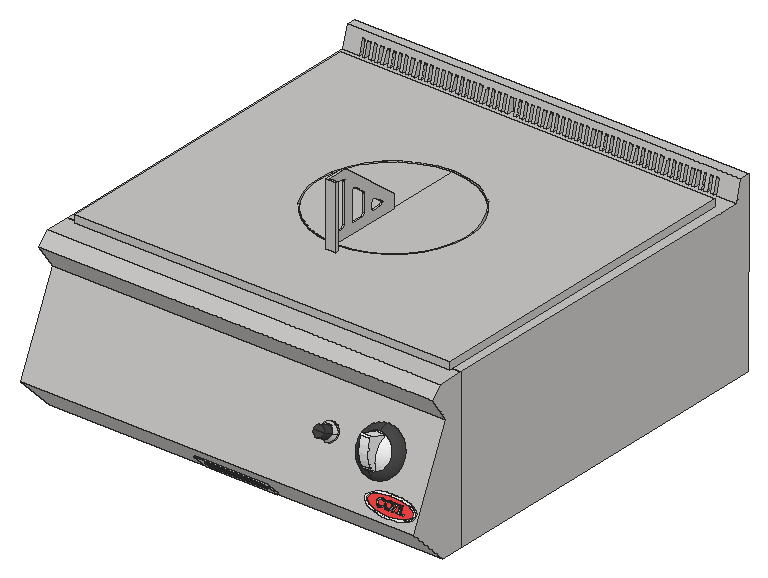
Revit family "QF_COZIL_FFCP-70N", category Equipamento especial, Revit 2020 (continued)
Definition of nested family "Botão Fogão"
  Parameters (values of type "Botão Fogão")
    National Water Regulation Certification [instance] = yes
    NAFEM Spec ID Number [instance] = ""
    Model Warning [instance] = ""
    Min Ckt Ampacity [instance] = 0 A
    Mechanical Remarks [instance] = ""
    Mechanical Connection Type [instance] = ""
    Max Overcurrent Protection [instance] = 0 A
    Masterspec [instance] = ""
    Main switch integrated [instance] = yes
    MU Air Volume [instance] = 0.0 L/s
    MU Air Vent Width [instance] = 0.00 mm
    MU Air Vent Diameter [instance] = 0.00 mm
    MU Air Vent Depth [instance] = 0.00 mm
    MU Air Static Press [instance] = 0.0 Pa
    MU Air Speed at Spigot [instance] = 0.0 L/s
    MU Air RI Height [instance] = 0.00 mm
    Length Actual [instance] = 0.00 mm
    Latent Heat Output [instance] = 0 W
    Item Number [instance] = ""
    Installed By [instance] = ""
    Installation Date [instance] = ""
    Ingress Protection Code [instance] = ""
    Indirect Waste Size [instance] = 0 mm
    Indirect Waste Flow [instance] = 0.0 m³/h
    Indirect Waste Connection Type [instance] = ""
    Indirect Waste Connection Height [instance] = 0.00 mm
    Identify Quantity as Lot [instance] = yes
    ID [instance] = ""
    Hygiene Approval [instance] = ""
    Hot Water Temperature [instance] = -273.15 °C
    Hot Water Supply Temperature [instance] = -273.15 °C
    Hot Water Size [instance] = 0 mm
    Hot Water RI Height [instance] = 0.00 mm
    Hot Water Quality [instance] = ""
    Hot Water Minimum Pressure [instance] = 0.0 bar
    Hot Water Maximum Pressure [instance] = 0.0 bar
    Hot Water Flow [instance] = 0.0 m³/h
    Hot Water Consumption [instance] = ""
    Hot Water Connection Height [instance] = 0.00 mm
    Height Actual [instance] = 0.00 mm
    HP [instance] = ""
    Gas Size Flexible [instance] = 0 mm
    Gas Size Fixed [instance] = 0 mm
    Gas Size [instance] = 0 mm
    Gas RI Height [instance] = 0.00 mm
    Gas Input [instance] = 0 W
    Gas Flow [instance] = 0.0 m³/h
    Gas Connection Height [instance] = 0.00 mm
    Furnished By [instance] = ""
    Fuel Type [instance] = ""
    Foodservice Equipment Identifier [instance] = yes
    Flue Type [instance] = ""
    Filtered Treated Water Supply Size [instance] = 0 mm
    Filtered Treated Water Recommended Temperature [instance] = -273.15 °C
    Filtered Treated Water RI Height [instance] = 0.00 mm
    Filtered Treated Water Quality [instance] = ""
    Filtered Treated Water Minimum Pressure [instance] = 0.0 bar
    Filtered Treated Water Maximum Pressure [instance] = 0.0 bar
    Filtered Treated Water Flow [instance] = 0.0 m³/h
    Filtered Treated Water Consumption [instance] = ""
    Filtered Treated Water Connection Height [instance] = 0.00 mm
    FL Amps [instance] = 0 A
    Exhaust Volume [instance] = 0.0 L/s
    Exhaust Vent Width [instance] = 0.00 mm
    Exhaust Vent Height [instance] = 0.00 mm
    Exhaust Vent Diameter [instance] = 0.00 mm
    Exhaust Vent Depth [instance] = 0.00 mm
    Exhaust Static Press [instance] = 0.0 Pa
    Exhaust Speed at Spigot [instance] = 0.0 L/s
    Exhaust RI Height [instance] = 0.00 mm
    Exhaust Air Temperature [instance] = -273.15 °C
    Exhaust Air Humidity [instance] = 0
    Energy Efficiency Labelling [instance] = ""
    Electrical Remarks [instance] = ""
    Electric Connection Type [instance] = ""
    Elec Conn RI Height [instance] = 0.00 mm
    Elec Conn Connection Height [instance] = 0.00 mm
    Earth Leakage Switch necessary [instance] = yes
    Earth Leakage Switch Type [instance] = ""
    ETL Approved [instance] = yes
    Direct Waste Size [instance] = 0 mm
    Direct Waste RI Height [instance] = 0.00 mm
    Direct Waste Flow [instance] = 0.0 m³/h
    Direct Waste Connection Height [instance] = 0.00 mm
    Direct Heat Output [instance] = 0 W
    Digital Connectivity Description [instance] = ""
    Depth Actual [instance] = 0.00 mm
    Cycle [instance] = 0 Hz
    Connection to energy optimisation system [instance] = yes
    Conn Plug [instance] = ""
    Conn Conduit [instance] = yes
    Condensate Return Size [instance] = 0 mm
    Condensate Return RI Height [instance] = 0.00 mm
    Condensate Return Connection Height [instance] = 0.00 mm
    Compressed Air Volume [instance] = 0.0 m³/h
    Compressed Air Size [instance] = 0 mm
    Compressed Air RI Height [instance] = 0.00 mm
    Compressed Air Quality [instance] = ""
    Compressed Air Pressure [instance] = 0.0 bar
    Compressed Air Connection Height [instance] = 0.00 mm
    Cold Water Temperature Recommended [instance] = -273.15 °C
    Cold Water Size [instance] = 0 mm
    Cold Water RI Height [instance] = 0.00 mm
    Cold Water Quality [instance] = ""
    Cold Water Minimum Pressure [instance] = 0.0 bar
    Cold Water Maximum Pressure [instance] = 0.0 bar
    Cold Water Flow [instance] = 0.0 m³/h
    Cold Water Consumption [instance] = ""
    Cold Water Connection Height [instance] = 0.00 mm
    Chilled Water Temperature [instance] = -273.15 °C
    Chilled Water Supply Size [instance] = 0 mm
    Chilled Water Supply RI Height [instance] = 0.00 mm
    Chilled Water Supply Quality [instance] = ""
    Chilled Water Supply Maximum Temperature [instance] = -273.15 °C
    Chilled Water Supply Connection Height [instance] = 0.00 mm
    Chilled Water Return Size [instance] = 0 mm
    Chilled Water Return RI Height [instance] = 0.00 mm
    Chilled Water Return Minimum Pressure [instance] = 0.0 bar
    Chilled Water Return Maximum Pressure [instance] = 0.0 bar
    Chilled Water Return Connection Height [instance] = 0.00 mm
    Chilled Water Minimum Pressure [instance] = 0.0 bar
    Chilled Water Maximum Pressure [instance] = 0.0 bar
    Chilled Water Flow [instance] = 0.0 m³/h
    CSI MasterFormat [instance] = ""
    CO2 Volume [instance] = 0.0 m³/h
    CO2 Size [instance] = 0 mm
    CO2 RI Height [instance] = 0.00 mm
    CO2 Pressure [instance] = 0.0 bar
    CO2 Connection Height [instance] = 0.00 mm
    CE Approved [instance] = yes
    Barcode [instance] = ""
    BTUH [instance] = 0 W
    Author [instance] = ""
    Asset Identifier [instance] = ""
    Apparent Power [instance] = 0 VA
    Accessory [instance] = yes
    Ability for Digital Connectivity [instance] = yes
  Reference planes
    plane 1 "Centro (Frontal/Traseira)": y = 0
    plane 2: z = 0
    plane 3 "Centro (Esquerda/Direita)": x = 0
    plane 4: z = 50
  Forms (mm)
    Revolve 1, solid
      sketch origin (0, 0, 0) x (1, 0, 0) y (0, 0, 1)
        loop
          line (0, 0) -> (41.459, 0)
          arc (41.459, 0) -> (36.874, 8.702) -> (29.315, 14.997) r 25.29
          line (29.315, 14.997) -> (29.315, 10.32)
          arc (29.315, 10.32) -> (16.152, 20.644) -> (0, 25) r 41.931
          line (0, 25) -> (0, 0)
        axis (0, 25) -> (0, 0)
      angle from 0 to 360
    Extrusion 2, solid
      sketch origin (0, 0, 0) x (1, 0, 0) y (0, 0, 1)
        loop
          line (27.004, 10.32) -> (27.004, 17.328)
          arc (27.004, 17.328) -> (26.239, 21.608) -> (24.04, 25.36) r 12.364
          arc (24.04, 25.36) -> (4.069, 40.977) -> (-20.408, 47.581) r 63.784
          arc (-20.408, 47.581) -> (-22.455, 46.908) -> (-23.471, 45.007) r 2.897
          line (-23.471, 45.007) -> (-27.286, 10.32) -> (27.004, 10.32)
      from -8 to 8
  Cuts and joins
    joined: Revolve 1, Extrusion 2
  Dimensions and locks
    aligned and locked: level to plane 2
Definition of nested family "Botão"
  Parameters (values of type "Botão")
    Weight [instance] = 0.00 kg
    Watts [instance] = 0 W
    Waste Water Discharge Temperature [instance] = -273.15 °C
    Waste Remarks [instance] = ""
    Warranty Start Date [instance] = ""
    Warranty Duration [instance] = ""
    Volts [instance] = 0 V
    Volt Free Conn [instance] = yes
    Ventilation Remarks [instance] = ""
    URL Recommended Spares List [instance] = ""
    URL Manufacturer [instance] = ""
    URL Cutsheet [instance] = ""
    URL Critical Spares List [instance] = ""
    Default Elevation = 0.00 mm
    Type Comments = "USA_IFSE_SharedParameters_Dummy_V07_21"
    Technical Documentation [instance] = ""
    Tag Number [instance] = ""
    Steam type [instance] = ""
    Steam Supply Volume [instance] = 0.0 m³/h
    Steam Supply Size [instance] = 0 mm
    Steam Supply RI Height [instance] = 0.00 mm
    Steam Supply Minimum Pressure [instance] = 0.0 bar
    Steam Supply Maximum Pressure [instance] = 0.0 bar
    Steam Supply Connection Height [instance] = 0.00 mm
    Steam Remarks [instance] = ""
    Steam Pounds per Hour [instance] = 0
    Status [instance] = ""
    Start Up Current [instance] = 0 A
    Specification by User [instance] = ""
    Specification by Manufacturer [instance] = ""
    Sound Level [instance] = ""
    Solid Fuel Type [instance] = ""
    Show Logo [instance] = yes
    Show Clearances [instance] = yes
    Service Life Duration [instance] = ""
    Serial Number [instance] = ""
    Sensible Heat Output [instance] = 0 W
    Seismic Rating [instance] = ""
    SMACNA No [instance] = ""
    Revision Code [instance] = ""
    Revision [instance] = ""
    Refrigeration Working Pressure [instance] = 0.0 bar
    Refrigeration Suction Line Size [instance] = 0 mm
    Refrigeration Liquid Line Size [instance] = 0 mm
    Refrigeration Evaporation Temperature [instance] = -273.15 °C
    Refrigeration Energy Efficiency Index [instance] = ""
    Refrigeration Defrost Drain [instance] = yes
    Refrigeration Climate Class [instance] = ""
    Refrigerant Type [instance] = ""
    Refrigerant Mass [instance] = 0
    Refrigerant Flow [instance] = 0.0 m³/h
    Refrigerant Compressor Remote [instance] = yes
    Production Year [instance] = ""
    Preheated Hot Water Temperature Recommended [instance] = -273.15 °C
    Preheated Hot Water Size [instance] = 0 mm
    Preheated Hot Water RI Height [instance] = 0.00 mm
    Preheated Hot Water Quality [instance] = ""
    Preheated Hot Water Minimum Pressure [instance] = 0.0 bar
    Preheated Hot Water Maximum Pressure [instance] = 0.0 bar
    Preheated Hot Water Flow [instance] = 0.0 m³/h
    Preheated Hot Water Connection Height [instance] = 0.00 mm
    Potential Equalisation [instance] = yes
    Point Load [instance] = 0
    Plumbing Remarks [instance] = ""
    Plumbing Connection Type [instance] = ""
    Phase [instance] = 0
    Other Equipment Approvals [instance] = ""
    Operational Current [instance] = 0 A
    Odor Trap Included [instance] = yes
    Number of Poles [instance] = 1
    No Load Power Draw [instance] = yes
    National Water Regulation Certification [instance] = yes
    NAFEM Spec ID Number [instance] = ""
    Model Warning [instance] = ""
    Min Ckt Ampacity [instance] = 0 A
    Mechanical Remarks [instance] = ""
    Mechanical Connection Type [instance] = ""
    Max Overcurrent Protection [instance] = 0 A
    Masterspec [instance] = ""
    Main switch integrated [instance] = yes
    MU Air Volume [instance] = 0.0 L/s
    MU Air Vent Width [instance] = 0.00 mm
    MU Air Vent Diameter [instance] = 0.00 mm
    MU Air Vent Depth [instance] = 0.00 mm
    MU Air Static Press [instance] = 0.0 Pa
    MU Air Speed at Spigot [instance] = 0.0 L/s
    MU Air RI Height [instance] = 0.00 mm
    Length Actual [instance] = 0.00 mm
    Latent Heat Output [instance] = 0 W
    Item Number [instance] = ""
    Installed By [instance] = ""
    Installation Date [instance] = ""
    Ingress Protection Code [instance] = ""
    Indirect Waste Size [instance] = 0 mm
    Indirect Waste Flow [instance] = 0.0 m³/h
    Indirect Waste Connection Type [instance] = ""
    Indirect Waste Connection Height [instance] = 0.00 mm
    Identify Quantity as Lot [instance] = yes
    ID [instance] = ""
    Hygiene Approval [instance] = ""
    Hot Water Temperature [instance] = -273.15 °C
    Hot Water Supply Temperature [instance] = -273.15 °C
    Hot Water Size [instance] = 0 mm
    Hot Water RI Height [instance] = 0.00 mm
    Hot Water Quality [instance] = ""
    Hot Water Minimum Pressure [instance] = 0.0 bar
    Hot Water Maximum Pressure [instance] = 0.0 bar
    Hot Water Flow [instance] = 0.0 m³/h
    Hot Water Consumption [instance] = ""
    Hot Water Connection Height [instance] = 0.00 mm
    Height Actual [instance] = 0.00 mm
    HP [instance] = ""
    Gas Size Flexible [instance] = 0 mm
    Gas Size Fixed [instance] = 0 mm
    Gas Size [instance] = 0 mm
    Gas RI Height [instance] = 0.00 mm
    Gas Input [instance] = 0 W
    Gas Flow [instance] = 0.0 m³/h
    Gas Connection Height [instance] = 0.00 mm
    Furnished By [instance] = ""
    Fuel Type [instance] = ""
    Foodservice Equipment Identifier [instance] = yes
    Flue Type [instance] = ""
    Filtered Treated Water Supply Size [instance] = 0 mm
    Filtered Treated Water Recommended Temperature [instance] = -273.15 °C
    Filtered Treated Water RI Height [instance] = 0.00 mm
    Filtered Treated Water Quality [instance] = ""
    Filtered Treated Water Minimum Pressure [instance] = 0.0 bar
    Filtered Treated Water Maximum Pressure [instance] = 0.0 bar
    Filtered Treated Water Flow [instance] = 0.0 m³/h
    Filtered Treated Water Consumption [instance] = ""
    Filtered Treated Water Connection Height [instance] = 0.00 mm
    FL Amps [instance] = 0 A
    Exhaust Volume [instance] = 0.0 L/s
    Exhaust Vent Width [instance] = 0.00 mm
    Exhaust Vent Height [instance] = 0.00 mm
    Exhaust Vent Diameter [instance] = 0.00 mm
    Exhaust Vent Depth [instance] = 0.00 mm
    Exhaust Static Press [instance] = 0.0 Pa
    Exhaust Speed at Spigot [instance] = 0.0 L/s
    Exhaust RI Height [instance] = 0.00 mm
    Exhaust Air Temperature [instance] = -273.15 °C
    Exhaust Air Humidity [instance] = 0
    Energy Efficiency Labelling [instance] = ""
    Electrical Remarks [instance] = ""
    Electric Connection Type [instance] = ""
    Elec Conn RI Height [instance] = 0.00 mm
    Elec Conn Connection Height [instance] = 0.00 mm
    Earth Leakage Switch necessary [instance] = yes
    Earth Leakage Switch Type [instance] = ""
    ETL Approved [instance] = yes
    Direct Waste Size [instance] = 0 mm
    Direct Waste RI Height [instance] = 0.00 mm
    Direct Waste Flow [instance] = 0.0 m³/h
    Direct Waste Connection Height [instance] = 0.00 mm
    Direct Heat Output [instance] = 0 W
    Digital Connectivity Description [instance] = ""
    Depth Actual [instance] = 0.00 mm
    Cycle [instance] = 0 Hz
    Connection to energy optimisation system [instance] = yes
    Conn Plug [instance] = ""
    Conn Conduit [instance] = yes
    Condensate Return Size [instance] = 0 mm
    Condensate Return RI Height [instance] = 0.00 mm
    Condensate Return Connection Height [instance] = 0.00 mm
    Compressed Air Volume [instance] = 0.0 m³/h
    Compressed Air Size [instance] = 0 mm
    Compressed Air RI Height [instance] = 0.00 mm
    Compressed Air Quality [instance] = ""
    Compressed Air Pressure [instance] = 0.0 bar
    Compressed Air Connection Height [instance] = 0.00 mm
    Cold Water Temperature Recommended [instance] = -273.15 °C
    Cold Water Size [instance] = 0 mm
    Cold Water RI Height [instance] = 0.00 mm
    Cold Water Quality [instance] = ""
    Cold Water Minimum Pressure [instance] = 0.0 bar
    Cold Water Maximum Pressure [instance] = 0.0 bar
    Cold Water Flow [instance] = 0.0 m³/h
    Cold Water Consumption [instance] = ""
    Cold Water Connection Height [instance] = 0.00 mm
    Chilled Water Temperature [instance] = -273.15 °C
    Chilled Water Supply Size [instance] = 0 mm
    Chilled Water Supply RI Height [instance] = 0.00 mm
    Chilled Water Supply Quality [instance] = ""
    Chilled Water Supply Maximum Temperature [instance] = -273.15 °C
    Chilled Water Supply Connection Height [instance] = 0.00 mm
    Chilled Water Return Size [instance] = 0 mm
    Chilled Water Return RI Height [instance] = 0.00 mm
    Chilled Water Return Minimum Pressure [instance] = 0.0 bar
    Chilled Water Return Maximum Pressure [instance] = 0.0 bar
    Chilled Water Return Connection Height [instance] = 0.00 mm
    Chilled Water Minimum Pressure [instance] = 0.0 bar
    Chilled Water Maximum Pressure [instance] = 0.0 bar
    Chilled Water Flow [instance] = 0.0 m³/h
    CSI MasterFormat [instance] = ""
    CO2 Volume [instance] = 0.0 m³/h
    CO2 Size [instance] = 0 mm
    CO2 RI Height [instance] = 0.00 mm
    CO2 Pressure [instance] = 0.0 bar
    CO2 Connection Height [instance] = 0.00 mm
    CE Approved [instance] = yes
    Barcode [instance] = ""
    BTUH [instance] = 0 W
    Author [instance] = ""
    Asset Identifier [instance] = ""
    Apparent Power [instance] = 0 VA
    Accessory [instance] = yes
    Ability for Digital Connectivity [instance] = yes
  Reference planes
    plane 1 "Centro (Frontal/Traseira)": y = 0
    plane 2: z = 0
    plane 3 "Centro (Esquerda/Direita)": x = 0
    plane 4: z = 28
    plane 5: z = 10
  Forms (mm)
    Revolve 1, solid
      sketch origin (0, 0, 0) x (1, 0, 0) y (0, 0, 1)
        loop
          line (0, 0) -> (15, 0) -> (15, 4) -> (11.536, 10) -> (9.536, 10) -> (9.536, 28) -> (0, 28) -> (0, 0)
        axis (0, 0) -> (0, 28)
      angle from 0 to 360
  Dimensions and locks
    aligned and locked: level to plane 2
    aligned and locked: plane 2 to Revolve 1 sketch curve
    aligned and locked: plane 3 "Centro (Esquerda/Direita)" to Revolve 1 sketch curve
Definition of nested family "LOGOTIPO COZIL"
  Parameters (values of type "LOGOTIPO COZIL")
    Weight [instance] = 0.00 kg
    Watts [instance] = 0 W
    Waste Water Discharge Temperature [instance] = -273.15 °C
    Waste Remarks [instance] = ""
    Warranty Start Date [instance] = ""
    Warranty Duration [instance] = ""
    Volts [instance] = 0 V
    Volt Free Conn [instance] = yes
    Ventilation Remarks [instance] = ""
    URL Recommended Spares List [instance] = ""
    URL Manufacturer [instance] = ""
    URL Cutsheet [instance] = ""
    URL Critical Spares List [instance] = ""
    Default Elevation = 0.00 mm
    Type Comments = "USA_IFSE_SharedParameters_Dummy_V07_21"
    Technical Documentation [instance] = ""
    Tag Number [instance] = ""
    Steam type [instance] = ""
    Steam Supply Volume [instance] = 0.0 m³/h
    Steam Supply Size [instance] = 0 mm
    Steam Supply RI Height [instance] = 0.00 mm
    Steam Supply Minimum Pressure [instance] = 0.0 bar
    Steam Supply Maximum Pressure [instance] = 0.0 bar
    Steam Supply Connection Height [instance] = 0.00 mm
    Steam Remarks [instance] = ""
    Steam Pounds per Hour [instance] = 0
    Status [instance] = ""
    Start Up Current [instance] = 0 A
    Specification by User [instance] = ""
    Specification by Manufacturer [instance] = ""
    Sound Level [instance] = ""
    Solid Fuel Type [instance] = ""
    Show Logo [instance] = yes
    Show Clearances [instance] = yes
    Service Life Duration [instance] = ""
    Serial Number [instance] = ""
    Sensible Heat Output [instance] = 0 W
    Seismic Rating [instance] = ""
    SMACNA No [instance] = ""
    Revision Code [instance] = ""
    Revision [instance] = ""
    Refrigeration Working Pressure [instance] = 0.0 bar
    Refrigeration Suction Line Size [instance] = 0 mm
    Refrigeration Liquid Line Size [instance] = 0 mm
    Refrigeration Evaporation Temperature [instance] = -273.15 °C
    Refrigeration Energy Efficiency Index [instance] = ""
    Refrigeration Defrost Drain [instance] = yes
    Refrigeration Climate Class [instance] = ""
    Refrigerant Type [instance] = ""
    Refrigerant Mass [instance] = 0
    Refrigerant Flow [instance] = 0.0 m³/h
    Refrigerant Compressor Remote [instance] = yes
    Production Year [instance] = ""
    Preheated Hot Water Temperature Recommended [instance] = -273.15 °C
    Preheated Hot Water Size [instance] = 0 mm
    Preheated Hot Water RI Height [instance] = 0.00 mm
    Preheated Hot Water Quality [instance] = ""
    Preheated Hot Water Minimum Pressure [instance] = 0.0 bar
    Preheated Hot Water Maximum Pressure [instance] = 0.0 bar
    Preheated Hot Water Flow [instance] = 0.0 m³/h
    Preheated Hot Water Connection Height [instance] = 0.00 mm
    Potential Equalisation [instance] = yes
    Point Load [instance] = 0
    Plumbing Remarks [instance] = ""
    Plumbing Connection Type [instance] = ""
    Phase [instance] = 0
    Other Equipment Approvals [instance] = ""
    Operational Current [instance] = 0 A
    Odor Trap Included [instance] = yes
    Number of Poles [instance] = 1
    No Load Power Draw [instance] = yes
    National Water Regulation Certification [instance] = yes
    NAFEM Spec ID Number [instance] = ""
    Model Warning [instance] = ""
    Min Ckt Ampacity [instance] = 0 A
    Mechanical Remarks [instance] = ""
    Mechanical Connection Type [instance] = ""
    Max Overcurrent Protection [instance] = 0 A
    Masterspec [instance] = ""
    Main switch integrated [instance] = yes
    MU Air Volume [instance] = 0.0 L/s
    MU Air Vent Width [instance] = 0.00 mm
    MU Air Vent Diameter [instance] = 0.00 mm
    MU Air Vent Depth [instance] = 0.00 mm
    MU Air Static Press [instance] = 0.0 Pa
    MU Air Speed at Spigot [instance] = 0.0 L/s
    MU Air RI Height [instance] = 0.00 mm
    Length Actual [instance] = 0.00 mm
    Latent Heat Output [instance] = 0 W
    Item Number [instance] = ""
    Installed By [instance] = ""
    Installation Date [instance] = ""
    Ingress Protection Code [instance] = ""
    Indirect Waste Size [instance] = 0 mm
    Indirect Waste Flow [instance] = 0.0 m³/h
    Indirect Waste Connection Type [instance] = ""
    Indirect Waste Connection Height [instance] = 0.00 mm
    Identify Quantity as Lot [instance] = yes
    ID [instance] = ""
    Hygiene Approval [instance] = ""
    Hot Water Temperature [instance] = -273.15 °C
    Hot Water Supply Temperature [instance] = -273.15 °C
    Hot Water Size [instance] = 0 mm
    Hot Water RI Height [instance] = 0.00 mm
    Hot Water Quality [instance] = ""
    Hot Water Minimum Pressure [instance] = 0.0 bar
    Hot Water Maximum Pressure [instance] = 0.0 bar
    Hot Water Flow [instance] = 0.0 m³/h
    Hot Water Consumption [instance] = ""
    Hot Water Connection Height [instance] = 0.00 mm
    Height Actual [instance] = 0.00 mm
    HP [instance] = ""
    Gas Size Flexible [instance] = 0 mm
    Gas Size Fixed [instance] = 0 mm
    Gas Size [instance] = 0 mm
    Gas RI Height [instance] = 0.00 mm
    Gas Input [instance] = 0 W
    Gas Flow [instance] = 0.0 m³/h
    Gas Connection Height [instance] = 0.00 mm
    Furnished By [instance] = ""
    Fuel Type [instance] = ""
    Foodservice Equipment Identifier [instance] = yes
    Flue Type [instance] = ""
    Filtered Treated Water Supply Size [instance] = 0 mm
    Filtered Treated Water Recommended Temperature [instance] = -273.15 °C
    Filtered Treated Water RI Height [instance] = 0.00 mm
    Filtered Treated Water Quality [instance] = ""
    Filtered Treated Water Minimum Pressure [instance] = 0.0 bar
    Filtered Treated Water Maximum Pressure [instance] = 0.0 bar
    Filtered Treated Water Flow [instance] = 0.0 m³/h
    Filtered Treated Water Consumption [instance] = ""
    Filtered Treated Water Connection Height [instance] = 0.00 mm
    FL Amps [instance] = 0 A
    Exhaust Volume [instance] = 0.0 L/s
    Exhaust Vent Width [instance] = 0.00 mm
    Exhaust Vent Height [instance] = 0.00 mm
    Exhaust Vent Diameter [instance] = 0.00 mm
    Exhaust Vent Depth [instance] = 0.00 mm
    Exhaust Static Press [instance] = 0.0 Pa
    Exhaust Speed at Spigot [instance] = 0.0 L/s
    Exhaust RI Height [instance] = 0.00 mm
    Exhaust Air Temperature [instance] = -273.15 °C
    Exhaust Air Humidity [instance] = 0
    Energy Efficiency Labelling [instance] = ""
    Electrical Remarks [instance] = ""
    Electric Connection Type [instance] = ""
    Elec Conn RI Height [instance] = 0.00 mm
    Elec Conn Connection Height [instance] = 0.00 mm
    Earth Leakage Switch necessary [instance] = yes
    Earth Leakage Switch Type [instance] = ""
    ETL Approved [instance] = yes
    Direct Waste Size [instance] = 0 mm
    Direct Waste RI Height [instance] = 0.00 mm
    Direct Waste Flow [instance] = 0.0 m³/h
    Direct Waste Connection Height [instance] = 0.00 mm
    Direct Heat Output [instance] = 0 W
    Digital Connectivity Description [instance] = ""
    Depth Actual [instance] = 0.00 mm
    Cycle [instance] = 0 Hz
    Connection to energy optimisation system [instance] = yes
    Conn Plug [instance] = ""
    Conn Conduit [instance] = yes
    Condensate Return Size [instance] = 0 mm
    Condensate Return RI Height [instance] = 0.00 mm
    Condensate Return Connection Height [instance] = 0.00 mm
    Compressed Air Volume [instance] = 0.0 m³/h
    Compressed Air Size [instance] = 0 mm
    Compressed Air RI Height [instance] = 0.00 mm
    Compressed Air Quality [instance] = ""
    Compressed Air Pressure [instance] = 0.0 bar
    Compressed Air Connection Height [instance] = 0.00 mm
    Cold Water Temperature Recommended [instance] = -273.15 °C
    Cold Water Size [instance] = 0 mm
    Cold Water RI Height [instance] = 0.00 mm
    Cold Water Quality [instance] = ""
    Cold Water Minimum Pressure [instance] = 0.0 bar
    Cold Water Maximum Pressure [instance] = 0.0 bar
    Cold Water Flow [instance] = 0.0 m³/h
    Cold Water Consumption [instance] = ""
    Cold Water Connection Height [instance] = 0.00 mm
    Chilled Water Temperature [instance] = -273.15 °C
    Chilled Water Supply Size [instance] = 0 mm
    Chilled Water Supply RI Height [instance] = 0.00 mm
    Chilled Water Supply Quality [instance] = ""
    Chilled Water Supply Maximum Temperature [instance] = -273.15 °C
    Chilled Water Supply Connection Height [instance] = 0.00 mm
    Chilled Water Return Size [instance] = 0 mm
    Chilled Water Return RI Height [instance] = 0.00 mm
    Chilled Water Return Minimum Pressure [instance] = 0.0 bar
    Chilled Water Return Maximum Pressure [instance] = 0.0 bar
    Chilled Water Return Connection Height [instance] = 0.00 mm
    Chilled Water Minimum Pressure [instance] = 0.0 bar
    Chilled Water Maximum Pressure [instance] = 0.0 bar
    Chilled Water Flow [instance] = 0.0 m³/h
    CSI MasterFormat [instance] = ""
    CO2 Volume [instance] = 0.0 m³/h
    CO2 Size [instance] = 0 mm
    CO2 RI Height [instance] = 0.00 mm
    CO2 Pressure [instance] = 0.0 bar
    CO2 Connection Height [instance] = 0.00 mm
    CE Approved [instance] = yes
    Barcode [instance] = ""
    BTUH [instance] = 0 W
    Author [instance] = ""
    Asset Identifier [instance] = ""
    Apparent Power [instance] = 0 VA
    Accessory [instance] = yes
    Ability for Digital Connectivity [instance] = yes
  Reference planes
    plane 1 "Centro (Frontal/Traseira)": y = 0
    plane 2: z = 0
    plane 3 "Centro (Esquerda/Direita)": x = 0
  Forms (mm)
    Extrusion 1, solid
      sketch origin (0, 0, 0) x (1, 0, 0) y (0, 0, 1)
        loop
          spline (-45, 0) -> (-43.467, -4.529) -> (-38.971, -8.75) -> (-31.82, -12.374) -> (-22.5, -15.155) -> (-11.647, -16.904) -> (0, -17.5) -> (11.647, -16.904) -> (22.5, -15.155) -> (31.82, -12.374) -> (38.971, -8.75) -> (43.467, -4.529) -> (45, 0)
          spline (45, 0) -> (43.467, 4.529) -> (38.971, 8.75) -> (31.82, 12.374) -> (22.5, 15.155) -> (11.647, 16.904) -> (0, 17.5) -> (-11.647, 16.904) -> (-22.5, 15.155) -> (-31.82, 12.374) -> (-38.971, 8.75) -> (-43.467, 4.529) -> (-45, 0)
        loop
          spline (-41.75, 0) -> (-40.327, -3.753) -> (-36.157, -7.25) -> (-29.522, -10.253) -> (-20.875, -12.557) -> (-10.806, -14.006) -> (0, -14.5) -> (10.806, -14.006) -> (20.875, -12.557) -> (29.522, -10.253) -> (36.157, -7.25) -> (40.327, -3.753) -> (41.75, 0)
          spline (41.75, 0) -> (40.327, 3.753) -> (36.157, 7.25) -> (29.522, 10.253) -> (20.875, 12.557) -> (10.806, 14.006) -> (0, 14.5) -> (-10.806, 14.006) -> (-20.875, 12.557) -> (-29.522, 10.253) -> (-36.157, 7.25) -> (-40.327, 3.753) -> (-41.75, 0)
      from 0 to 2
    Extrusion 2, solid
      sketch origin (0, 0, 0) x (-1, 0, 0) y (0, 0, 1)
        loop
          spline (41.75, 0) -> (40.327, 3.882) -> (36.157, 7.5) -> (29.522, 10.607) -> (20.875, 12.99) -> (10.806, 14.489) -> (0, 15) -> (-10.806, 14.489) -> (-20.875, 12.99) -> (-29.522, 10.607) -> (-36.157, 7.5) -> (-40.327, 3.882) -> (-41.75, 0)
          spline (-41.75, 0) -> (-40.327, -3.882) -> (-36.157, -7.5) -> (-29.522, -10.607) -> (-20.875, -12.99) -> (-10.806, -14.489) -> (0, -15) -> (10.806, -14.489) -> (20.875, -12.99) -> (29.522, -10.607) -> (36.157, -7.5) -> (40.327, -3.882) -> (41.75, 0)
      from 0 to -1
    Extrusion 3, solid
      sketch origin (0, -1, 0) x (1, 0, 0) y (0, 0, 1)
        loop
          arc (-11.8, 4.399) -> (-24.195, 0.448) -> (-11.8, -3.503) r 6.827
          line (-11.8, -3.503) -> (-12.739, -2.836)
          arc (-12.739, -2.836) -> (-23.043, 0.453) -> (-12.739, 3.742) r 5.677
          line (-12.739, 3.742) -> (-11.8, 4.399)
        loop
          circle (-2.983, 0.502) r 5.391
        loop
          circle (-3.017, 0.494) r 6.727
        loop
          line (5.619, 6.896) -> (5.619, 5.568) -> (10.428, 5.568) -> (5.083, -5.894) -> (12.102, -5.894) -> (12.102, -4.625) -> (6.889, -4.625) -> (12.261, 6.896) -> (5.619, 6.896)
        loop
          line (14.795, 6.811) -> (14.795, -5.894) -> (15.902, -5.894) -> (15.902, 6.811) -> (14.795, 6.811)
        loop
          line (19.177, 6.811) -> (19.177, -5.894) -> (25.229, -5.894) -> (25.229, -4.637) -> (20.303, -4.637) -> (20.303, 6.811) -> (19.177, 6.811)
      from 0 to 1
  Cuts and joins
    joined: Extrusion 1, Extrusion 3
  Dimensions and locks
    Extrusion 1 sketch curve to Extrusion 1 sketch curve = 90.00 mm
    Extrusion 1 sketch curve to Extrusion 1 sketch curve = 35.00 mm
    Extrusion 1 sketch curve to Extrusion 1 sketch curve = 83.50 mm
    Extrusion 1 sketch curve to Extrusion 1 sketch curve = 29.00 mm
    aligned and locked: level to plane 2
